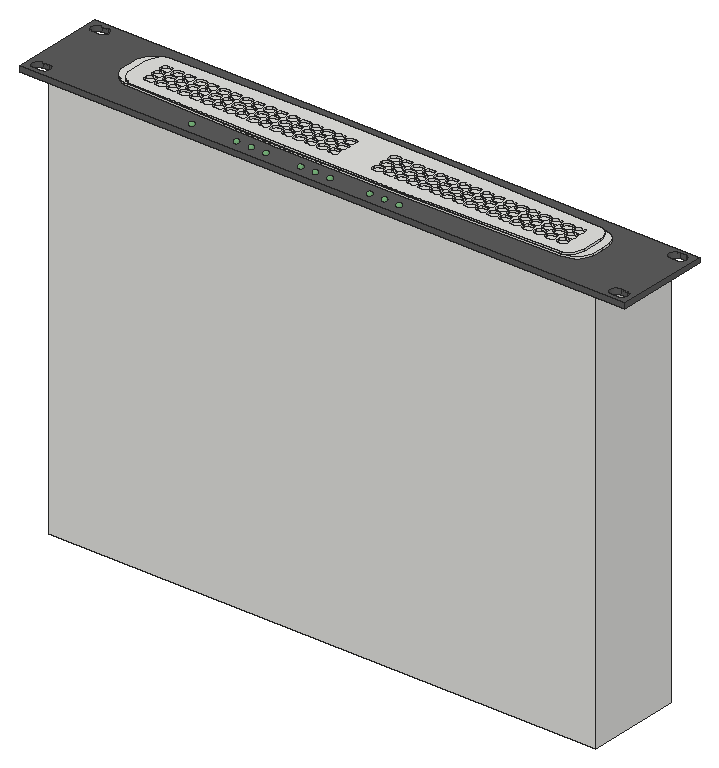
Revit family "Electronics_Amplifiers_Biamp_Vocia_VA-2060___2", category Communication Devices, host Face, Revit 2020 (continued)
Definition of nested family "VA-2060"
  Forms (in)
    Extrusion 4, solid, material <- "Housing Material", detail levels medium+fine
      sketch origin (0, 0, 0) x (1, 0, 0) y (0, 0, 1)
        loop
          arc (5.60792, 1.67994) -> (5.70669, 1.72086) -> (5.7476, 1.81963) r 0.13968
          line (5.7476, 1.81963) -> (5.7476, 1.86061)
          arc (5.7476, 1.86061) -> (5.70851, 1.955) -> (5.61412, 1.99409) r 0.13348
          line (5.61412, 1.99409) -> (5.52301, 1.99409)
          arc (5.52301, 1.99409) -> (5.42863, 1.955) -> (5.38953, 1.86061) r 0.13348
        loop
          line (5.78953, 1.86061) -> (5.78953, 1.81963)
          arc (5.78953, 1.81963) -> (5.83044, 1.72086) -> (5.92922, 1.67994) r 0.13968
          line (5.92922, 1.67994) -> (6.00792, 1.67994)
          arc (6.00792, 1.67994) -> (6.10669, 1.72086) -> (6.1476, 1.81963) r 0.13968
          line (6.1476, 1.81963) -> (6.1476, 1.86061)
          arc (6.1476, 1.86061) -> (6.10851, 1.955) -> (6.01412, 1.99409) r 0.13348
          line (6.01412, 1.99409) -> (5.92301, 1.99409)
          arc (5.92301, 1.99409) -> (5.82863, 1.955) -> (5.78953, 1.86061) r 0.13348
        loop
          line (6.18953, 1.86061) -> (6.18953, 1.81963)
          arc (6.18953, 1.81963) -> (6.23044, 1.72086) -> (6.32922, 1.67994) r 0.13968
          line (6.32922, 1.67994) -> (6.40792, 1.67994)
          arc (6.40792, 1.67994) -> (6.50669, 1.72086) -> (6.5476, 1.81963) r 0.13968
          line (6.5476, 1.81963) -> (6.5476, 1.86061)
          arc (6.5476, 1.86061) -> (6.50851, 1.955) -> (6.41412, 1.99409) r 0.13348
          line (6.41412, 1.99409) -> (6.32301, 1.99409)
          arc (6.32301, 1.99409) -> (6.22863, 1.955) -> (6.18953, 1.86061) r 0.13348
        loop
          line (6.58953, 1.86061) -> (6.58953, 1.81963)
          arc (6.58953, 1.81963) -> (6.63044, 1.72086) -> (6.72922, 1.67994) r 0.13968
          line (6.72922, 1.67994) -> (6.80792, 1.67994)
          arc (6.80792, 1.67994) -> (6.90669, 1.72086) -> (6.9476, 1.81963) r 0.13968
          line (6.9476, 1.81963) -> (6.9476, 1.86061)
          arc (6.9476, 1.86061) -> (6.90851, 1.955) -> (6.81412, 1.99409) r 0.13348
          line (6.81412, 1.99409) -> (6.72301, 1.99409)
          arc (6.72301, 1.99409) -> (6.62863, 1.955) -> (6.58953, 1.86061) r 0.13348
        loop
          line (6.98953, 1.86061) -> (6.98953, 1.81963)
          arc (6.98953, 1.81963) -> (7.03044, 1.72086) -> (7.12922, 1.67994) r 0.13968
          line (7.12922, 1.67994) -> (7.20792, 1.67994)
          arc (7.20792, 1.67994) -> (7.30669, 1.72086) -> (7.3476, 1.81963) r 0.13968
          line (7.3476, 1.81963) -> (7.3476, 1.86061)
          arc (7.3476, 1.86061) -> (7.30851, 1.955) -> (7.21412, 1.99409) r 0.13348
          line (7.21412, 1.99409) -> (7.12301, 1.99409)
          arc (7.12301, 1.99409) -> (7.02863, 1.955) -> (6.98953, 1.86061) r 0.13348
        loop
          line (0.58953, 1.51061) -> (0.58953, 1.46963)
          arc (0.58953, 1.46963) -> (0.63044, 1.37086) -> (0.72922, 1.32994) r 0.13968
          line (0.72922, 1.32994) -> (0.80792, 1.32994)
          arc (0.80792, 1.32994) -> (0.90669, 1.37086) -> (0.9476, 1.46963) r 0.13968
          line (0.9476, 1.46963) -> (0.9476, 1.51061)
          arc (0.9476, 1.51061) -> (0.90851, 1.605) -> (0.81412, 1.64409) r 0.13348
          line (0.81412, 1.64409) -> (0.72301, 1.64409)
          arc (0.72301, 1.64409) -> (0.62863, 1.605) -> (0.58953, 1.51061) r 0.13348
        loop
          line (0.98953, 1.51061) -> (0.98953, 1.46963)
          arc (0.98953, 1.46963) -> (1.03044, 1.37086) -> (1.12922, 1.32994) r 0.13968
          line (1.12922, 1.32994) -> (1.20792, 1.32994)
          arc (1.20792, 1.32994) -> (1.30669, 1.37086) -> (1.3476, 1.46963) r 0.13968
          line (1.3476, 1.46963) -> (1.3476, 1.51061)
          arc (1.3476, 1.51061) -> (1.30851, 1.605) -> (1.21412, 1.64409) r 0.13348
          line (1.21412, 1.64409) -> (1.12301, 1.64409)
          arc (1.12301, 1.64409) -> (1.02863, 1.605) -> (0.98953, 1.51061) r 0.13348
        loop
          line (1.38953, 1.51061) -> (1.38953, 1.46963)
          arc (1.38953, 1.46963) -> (1.43044, 1.37086) -> (1.52922, 1.32994) r 0.13968
          line (1.52922, 1.32994) -> (1.60792, 1.32994)
          arc (1.60792, 1.32994) -> (1.70669, 1.37086) -> (1.7476, 1.46963) r 0.13968
          line (1.7476, 1.46963) -> (1.7476, 1.51061)
          arc (1.7476, 1.51061) -> (1.70851, 1.605) -> (1.61412, 1.64409) r 0.13348
          line (1.61412, 1.64409) -> (1.52301, 1.64409)
          arc (1.52301, 1.64409) -> (1.42863, 1.605) -> (1.38953, 1.51061) r 0.13348
        loop
          line (1.78953, 1.51061) -> (1.78953, 1.46963)
          arc (1.78953, 1.46963) -> (1.83044, 1.37086) -> (1.92922, 1.32994) r 0.13968
          line (1.92922, 1.32994) -> (2.00792, 1.32994)
          arc (2.00792, 1.32994) -> (2.10669, 1.37086) -> (2.1476, 1.46963) r 0.13968
          line (2.1476, 1.46963) -> (2.1476, 1.51061)
          arc (2.1476, 1.51061) -> (2.10851, 1.605) -> (2.01412, 1.64409) r 0.13348
          line (2.01412, 1.64409) -> (1.92301, 1.64409)
          arc (1.92301, 1.64409) -> (1.82863, 1.605) -> (1.78953, 1.51061) r 0.13348
        loop
          line (2.18953, 1.51061) -> (2.18953, 1.46963)
          arc (2.18953, 1.46963) -> (2.23044, 1.37086) -> (2.32922, 1.32994) r 0.13968
          line (2.32922, 1.32994) -> (2.40792, 1.32994)
          arc (2.40792, 1.32994) -> (2.50669, 1.37086) -> (2.5476, 1.46963) r 0.13968
          line (2.5476, 1.46963) -> (2.5476, 1.51061)
          arc (2.5476, 1.51061) -> (2.50851, 1.605) -> (2.41412, 1.64409) r 0.13348
          line (2.41412, 1.64409) -> (2.32301, 1.64409)
          arc (2.32301, 1.64409) -> (2.22863, 1.605) -> (2.18953, 1.51061) r 0.13348
        loop
          line (2.58953, 1.51061) -> (2.58953, 1.46963)
          arc (2.58953, 1.46963) -> (2.63044, 1.37086) -> (2.72922, 1.32994) r 0.13968
          line (2.72922, 1.32994) -> (2.80792, 1.32994)
          arc (2.80792, 1.32994) -> (2.90669, 1.37086) -> (2.9476, 1.46963) r 0.13968
          line (2.9476, 1.46963) -> (2.9476, 1.51061)
          arc (2.9476, 1.51061) -> (2.90851, 1.605) -> (2.81412, 1.64409) r 0.13348
          line (2.81412, 1.64409) -> (2.72301, 1.64409)
          arc (2.72301, 1.64409) -> (2.62863, 1.605) -> (2.58953, 1.51061) r 0.13348
        loop
          line (2.98953, 1.51061) -> (2.98953, 1.46963)
          arc (2.98953, 1.46963) -> (3.03044, 1.37086) -> (3.12922, 1.32994) r 0.13968
          line (3.12922, 1.32994) -> (3.20792, 1.32994)
          arc (3.20792, 1.32994) -> (3.30669, 1.37086) -> (3.3476, 1.46963) r 0.13968
          line (3.3476, 1.46963) -> (3.3476, 1.51061)
          arc (3.3476, 1.51061) -> (3.30851, 1.605) -> (3.21412, 1.64409) r 0.13348
          line (3.21412, 1.64409) -> (3.12301, 1.64409)
          arc (3.12301, 1.64409) -> (3.02863, 1.605) -> (2.98953, 1.51061) r 0.13348
        loop
          line (3.38953, 1.51061) -> (3.38953, 1.46963)
          arc (3.38953, 1.46963) -> (3.43044, 1.37086) -> (3.52922, 1.32994) r 0.13968
          line (3.52922, 1.32994) -> (3.60792, 1.32994)
          arc (3.60792, 1.32994) -> (3.70669, 1.37086) -> (3.7476, 1.46963) r 0.13968
          line (3.7476, 1.46963) -> (3.7476, 1.51061)
          arc (3.7476, 1.51061) -> (3.70851, 1.605) -> (3.61412, 1.64409) r 0.13348
          line (3.61412, 1.64409) -> (3.52301, 1.64409)
          arc (3.52301, 1.64409) -> (3.42863, 1.605) -> (3.38953, 1.51061) r 0.13348
        loop
          line (3.78953, 1.51061) -> (3.78953, 1.46963)
          arc (3.78953, 1.46963) -> (3.83044, 1.37086) -> (3.92922, 1.32994) r 0.13968
          line (3.92922, 1.32994) -> (4.00792, 1.32994)
          arc (4.00792, 1.32994) -> (4.10669, 1.37086) -> (4.1476, 1.46963) r 0.13968
          line (4.1476, 1.46963) -> (4.1476, 1.51061)
          arc (4.1476, 1.51061) -> (4.10851, 1.605) -> (4.01412, 1.64409) r 0.13348
          line (4.01412, 1.64409) -> (3.92301, 1.64409)
          arc (3.92301, 1.64409) -> (3.82863, 1.605) -> (3.78953, 1.51061) r 0.13348
        loop
          line (4.18953, 1.51061) -> (4.18953, 1.46963)
          arc (4.18953, 1.46963) -> (4.23044, 1.37086) -> (4.32922, 1.32994) r 0.13968
          line (4.32922, 1.32994) -> (4.40792, 1.32994)
          arc (4.40792, 1.32994) -> (4.50669, 1.37086) -> (4.5476, 1.46963) r 0.13968
          line (4.5476, 1.46963) -> (4.5476, 1.51061)
          arc (4.5476, 1.51061) -> (4.50851, 1.605) -> (4.41412, 1.64409) r 0.13348
          line (4.41412, 1.64409) -> (4.32301, 1.64409)
          arc (4.32301, 1.64409) -> (4.22863, 1.605) -> (4.18953, 1.51061) r 0.13348
        loop
          line (4.58953, 1.51061) -> (4.58953, 1.46963)
          arc (4.58953, 1.46963) -> (4.63044, 1.37086) -> (4.72922, 1.32994) r 0.13968
          line (4.72922, 1.32994) -> (4.80792, 1.32994)
          arc (4.80792, 1.32994) -> (4.90669, 1.37086) -> (4.9476, 1.46963) r 0.13968
          line (4.9476, 1.46963) -> (4.9476, 1.51061)
          arc (4.9476, 1.51061) -> (4.90851, 1.605) -> (4.81412, 1.64409) r 0.13348
          line (4.81412, 1.64409) -> (4.72301, 1.64409)
          arc (4.72301, 1.64409) -> (4.62863, 1.605) -> (4.58953, 1.51061) r 0.13348
        loop
          line (4.98953, 1.51061) -> (4.98953, 1.46963)
          arc (4.98953, 1.46963) -> (5.03044, 1.37086) -> (5.12922, 1.32994) r 0.13968
          line (5.12922, 1.32994) -> (5.20792, 1.32994)
          arc (5.20792, 1.32994) -> (5.30669, 1.37086) -> (5.3476, 1.46963) r 0.13968
          line (5.3476, 1.46963) -> (5.3476, 1.51061)
          arc (5.3476, 1.51061) -> (5.30851, 1.605) -> (5.21412, 1.64409) r 0.13348
          line (5.21412, 1.64409) -> (5.12301, 1.64409)
          arc (5.12301, 1.64409) -> (5.02863, 1.605) -> (4.98953, 1.51061) r 0.13348
        loop
          line (5.38953, 1.51061) -> (5.38953, 1.46963)
          arc (5.38953, 1.46963) -> (5.43044, 1.37086) -> (5.52922, 1.32994) r 0.13968
          line (5.52922, 1.32994) -> (5.60792, 1.32994)
          arc (5.60792, 1.32994) -> (5.70669, 1.37086) -> (5.7476, 1.46963) r 0.13968
          line (5.7476, 1.46963) -> (5.7476, 1.51061)
          arc (5.7476, 1.51061) -> (5.70851, 1.605) -> (5.61412, 1.64409) r 0.13348
          line (5.61412, 1.64409) -> (5.52301, 1.64409)
          arc (5.52301, 1.64409) -> (5.42863, 1.605) -> (5.38953, 1.51061) r 0.13348
        loop
          line (5.78953, 1.51061) -> (5.78953, 1.46963)
          arc (5.78953, 1.46963) -> (5.83044, 1.37086) -> (5.92922, 1.32994) r 0.13968
          line (5.92922, 1.32994) -> (6.00792, 1.32994)
          arc (6.00792, 1.32994) -> (6.10669, 1.37086) -> (6.1476, 1.46963) r 0.13968
          line (6.1476, 1.46963) -> (6.1476, 1.51061)
          arc (6.1476, 1.51061) -> (6.10851, 1.605) -> (6.01412, 1.64409) r 0.13348
          line (6.01412, 1.64409) -> (5.92301, 1.64409)
          arc (5.92301, 1.64409) -> (5.82863, 1.605) -> (5.78953, 1.51061) r 0.13348
        loop
          line (6.18953, 1.51061) -> (6.18953, 1.46963)
          arc (6.18953, 1.46963) -> (6.23044, 1.37086) -> (6.32922, 1.32994) r 0.13968
          line (6.32922, 1.32994) -> (6.40792, 1.32994)
          arc (6.40792, 1.32994) -> (6.50669, 1.37086) -> (6.5476, 1.46963) r 0.13968
          line (6.5476, 1.46963) -> (6.5476, 1.51061)
          arc (6.5476, 1.51061) -> (6.50851, 1.605) -> (6.41412, 1.64409) r 0.13348
          line (6.41412, 1.64409) -> (6.32301, 1.64409)
          arc (6.32301, 1.64409) -> (6.22863, 1.605) -> (6.18953, 1.51061) r 0.13348
        loop
          line (6.58953, 1.51061) -> (6.58953, 1.46963)
          arc (6.58953, 1.46963) -> (6.63044, 1.37086) -> (6.72922, 1.32994) r 0.13968
          line (6.72922, 1.32994) -> (6.80792, 1.32994)
          arc (6.80792, 1.32994) -> (6.90669, 1.37086) -> (6.9476, 1.46963) r 0.13968
          line (6.9476, 1.46963) -> (6.9476, 1.51061)
          arc (6.9476, 1.51061) -> (6.90851, 1.605) -> (6.81412, 1.64409) r 0.13348
          line (6.81412, 1.64409) -> (6.72301, 1.64409)
          arc (6.72301, 1.64409) -> (6.62863, 1.605) -> (6.58953, 1.51061) r 0.13348
        loop
          line (6.98953, 1.51061) -> (6.98953, 1.46963)
          arc (6.98953, 1.46963) -> (7.03044, 1.37086) -> (7.12922, 1.32994) r 0.13968
          line (7.12922, 1.32994) -> (7.20792, 1.32994)
          arc (7.20792, 1.32994) -> (7.30669, 1.37086) -> (7.3476, 1.46963) r 0.13968
          line (7.3476, 1.46963) -> (7.3476, 1.51061)
          arc (7.3476, 1.51061) -> (7.30851, 1.605) -> (7.21412, 1.64409) r 0.13348
          line (7.21412, 1.64409) -> (7.12301, 1.64409)
          arc (7.12301, 1.64409) -> (7.02863, 1.605) -> (6.98953, 1.51061) r 0.13348
        loop
          line (-7.8941, 2.19985) -> (-7.8941, 1.50958)
          arc (-7.8941, 1.50958) -> (-7.78659, 1.189) -> (-7.50755, 0.99803) r 0.53175
          arc (-7.50755, 0.99803) -> (-4.76475, 0.90754) -> (-2.02057, 0.88211) r 115.74148
          line (-2.02057, 0.88211) -> (2.02057, 0.88211)
          arc (2.02057, 0.88211) -> (4.76475, 0.90754) -> (7.50755, 0.99803) r 115.74148
          arc (7.50755, 0.99803) -> (7.78659, 1.189) -> (7.8941, 1.50958) r 0.53175
          line (7.8941, 1.50958) -> (7.8941, 2.19985)
          arc (7.8941, 2.19985) -> (7.79312, 2.52382) -> (7.52594, 2.73305) r 0.57019
          arc (7.52594, 2.73305) -> (4.7778, 2.82372) -> (2.02829, 2.84908) r 115.74395
          line (2.02829, 2.84908) -> (-2.02829, 2.84908)
          arc (-2.02829, 2.84908) -> (-4.7778, 2.82372) -> (-7.52594, 2.73305) r 115.74395
          arc (-7.52594, 2.73305) -> (-7.79312, 2.52382) -> (-7.8941, 2.19985) r 0.57019
      from 7.16 to 7.21
    Extrusion 5, solid, material <- "Housing Material", detail levels medium+fine
      sketch origin (0, 0, 0) x (1, 0, 0) y (0, 0, 1)
        loop
          line (2.33416, 2.87125) -> (-2.33416, 2.87125)
          arc (-2.33416, 2.87125) -> (-4.9297, 2.84215) -> (-7.52393, 2.75486) r 115.76635
          arc (-7.52393, 2.75486) -> (-7.94905, 2.5935) -> (-8.19527, 2.21122) r 0.72733
          line (-8.19527, 2.21122) -> (-8.19527, 1.87684) -> (-8.19527, 1.51121)
          arc (-8.19527, 1.51121) -> (-7.94905, 1.12893) -> (-7.52393, 0.96757) r 0.72733
          arc (-7.52393, 0.96757) -> (-4.9297, 0.88028) -> (-2.33416, 0.85118) r 115.76635
          line (-2.33416, 0.85118) -> (2.33416, 0.85118)
          arc (2.33416, 0.85118) -> (4.9297, 0.88028) -> (7.52393, 0.96757) r 115.76635
          arc (7.52393, 0.96757) -> (7.94905, 1.12893) -> (8.19527, 1.51121) r 0.72733
          line (8.19527, 1.51121) -> (8.19527, 1.87684) -> (8.19527, 2.21122)
          arc (8.19527, 2.21122) -> (7.94905, 2.5935) -> (7.52393, 2.75486) r 0.72733
          arc (7.52393, 2.75486) -> (4.9297, 2.84215) -> (2.33416, 2.87125) r 115.76635
      from 7.09961 to 7.16
    Extrusion 6, void, detail levels medium+fine
      sketch origin (0, 0, 0) x (1, 0, 0) y (0, 0, 1)
        loop
          line (10.13458, 3.10877) -> (9.92643, 3.10877)
          arc (9.92643, 3.10877) -> (9.72431, 2.90665) -> (9.92643, 2.70453) r 0.20212
          line (9.92643, 2.70453) -> (10.13458, 2.70453)
          arc (10.13458, 2.70453) -> (10.33669, 2.90665) -> (10.13458, 3.10877) r 0.20212
        loop
          line (10.13458, 0.54627) -> (9.92643, 0.54627)
          arc (9.92643, 0.54627) -> (9.72431, 0.34415) -> (9.92643, 0.14203) r 0.20212
          line (9.92643, 0.14203) -> (10.13458, 0.14203)
          arc (10.13458, 0.14203) -> (10.33669, 0.34415) -> (10.13458, 0.54627) r 0.20212
        loop
          line (-9.92734, 3.10877) -> (-10.13549, 3.10877)
          arc (-10.13549, 3.10877) -> (-10.3376, 2.90665) -> (-10.13549, 2.70453) r 0.20212
          line (-10.13549, 2.70453) -> (-9.92734, 2.70453)
          arc (-9.92734, 2.70453) -> (-9.72522, 2.90665) -> (-9.92734, 3.10877) r 0.20212
        loop
          line (-9.92734, 0.54671) -> (-10.13549, 0.54671)
          arc (-10.13549, 0.54671) -> (-10.3376, 0.34459) -> (-10.13549, 0.14248) r 0.20212
          line (-10.13549, 0.14248) -> (-9.92734, 0.14248)
          arc (-9.92734, 0.14248) -> (-9.72522, 0.34459) -> (-9.92734, 0.54671) r 0.20212
      from 6.93304 to 7.43236
    Extrusion 7, void
      sketch origin (0, 0, 0) x (1, 0, 0) y (0, 0, 1)
        loop
          line (8.15116, 2.33425) -> (6.93787, 2.33425) -> (6.93787, 1.51307) -> (8.15116, 1.51307) -> (8.15116, 2.33425)
        loop
          line (4.18232, 0.89127) -> (3.43232, 0.89127) -> (3.43232, 0.39127) -> (4.18232, 0.39127) -> (4.18232, 0.89127)
        loop
          line (3.40107, 0.89127) -> (2.65107, 0.89127) -> (2.65107, 0.39127) -> (3.40107, 0.39127) -> (3.40107, 0.89127)
        loop
          line (0, 0.68345) -> (-0.46893, 0.68345) -> (-0.46893, 0.39127) -> (0, 0.39127) -> (0, 0.68345)
        loop
          line (-2.2191, 0.86184) -> (-3.01154, 0.86184) -> (-3.01154, 0.39127) -> (-2.2191, 0.39127) -> (-2.2191, 0.86184)
        loop
          line (-6.96024, 0.95657) -> (-7.85072, 0.95657) -> (-7.85072, 0.68345) -> (-6.96024, 0.68345) -> (-6.96024, 0.95657)
        loop
          line (-8.258, 0.95657) -> (-9.14847, 0.95657) -> (-9.14847, 0.68345) -> (-8.258, 0.68345) -> (-8.258, 0.95657)
        loop
          line (-1.44435, 0.68345) -> (-1.91327, 0.68345) -> (-1.91327, 0.39127) -> (-1.44435, 0.39127) -> (-1.44435, 0.68345)
        loop
          line (-0.96169, 0.68345) -> (-1.43061, 0.68345) -> (-1.43061, 0.39127) -> (-0.96169, 0.39127) -> (-0.96169, 0.68345)
        loop
          line (-0.48153, 0.68345) -> (-0.95045, 0.68345) -> (-0.95045, 0.39127) -> (-0.48153, 0.39127) -> (-0.48153, 0.68345)
      from -7.12328 to -6.82855
    Revolve 8, solid, material <- "Material 2", detail levels fine
      sketch origin (-1.40961, -2.63111, 0.39328) x (-1, 0, 0) y (0, -1, 0)
        loop
          arc (0.94198, 4.4685) -> (0.86324, 4.54724) -> (0.7845, 4.4685) r 0.07874
          line (0.7845, 4.4685) -> (0.94198, 4.4685)
        loop
          arc (1.45383, 4.4685) -> (1.37509, 4.54724) -> (1.29635, 4.4685) r 0.07874
          line (1.29635, 4.4685) -> (1.45383, 4.4685)
        loop
          arc (1.96554, 4.4685) -> (1.8868, 4.54724) -> (1.80806, 4.4685) r 0.07874
          line (1.80806, 4.4685) -> (1.96554, 4.4685)
        loop
          arc (3.52117, 4.4685) -> (3.44243, 4.54724) -> (3.36369, 4.4685) r 0.07874
          line (3.36369, 4.4685) -> (3.52117, 4.4685)
        loop
          arc (-0.25862, 4.4685) -> (-0.33736, 4.54724) -> (-0.4161, 4.4685) r 0.07874
          line (-0.4161, 4.4685) -> (-0.25862, 4.4685)
        loop
          arc (-0.77051, 4.4685) -> (-0.84925, 4.54724) -> (-0.92799, 4.4685) r 0.07874
          line (-0.92799, 4.4685) -> (-0.77051, 4.4685)
        loop
          arc (-1.2824, 4.4685) -> (-1.36114, 4.54724) -> (-1.43988, 4.4685) r 0.07874
          line (-1.43988, 4.4685) -> (-1.2824, 4.4685)
        loop
          arc (-2.65883, 4.4685) -> (-2.73757, 4.54724) -> (-2.81631, 4.4685) r 0.07874
          line (-2.81631, 4.4685) -> (-2.65883, 4.4685)
        loop
          arc (-3.17072, 4.4685) -> (-3.24946, 4.54724) -> (-3.3282, 4.4685) r 0.07874
          line (-3.3282, 4.4685) -> (-3.17072, 4.4685)
        loop
          arc (-3.68261, 4.4685) -> (-3.76135, 4.54724) -> (-3.84009, 4.4685) r 0.07874
          line (-3.84009, 4.4685) -> (-3.68261, 4.4685)
        axis (3.52117, 4.4685) -> (-3.84009, 4.4685)
      angle from 450 to 270
  Cuts and joins
    Extrusion 6 cuts Extrusion 3
    Extrusion 7 cuts Extrusion 2
  Lines and regions (in)
    Masking region 1
      outline origin (0, 0, 0) x (1, 0, 0) y (0, 1, 0)
        loop
          line (-10.5, -7.09961) -> (10.5, -7.09961) -> (10.5, -6.93265) -> (9.5, -6.93265) -> (9.5, 7.09961) -> (-9.5, 7.09961) -> (-9.5, -6.93265) -> (-10.5, -6.93265) -> (-10.5, -7.09961)
    Masking region 2, detail levels medium+fine
      outline origin (0, 0, 0) x (1, 0, 0) y (0, 1, 0)
        loop
          line (-8.19527, -7.09961) -> (-8.19527, -7.16) -> (-7.8941, -7.16) -> (-7.8941, -7.21) -> (7.8941, -7.21) -> (7.8941, -7.16) -> (8.19527, -7.16) -> (8.19527, -7.09961) -> (-8.19527, -7.09961)
    symbolic lines
      curve 1: line (-10.5, -6.93265, 0) -> (10.5, -6.93265, 0)
    symbolic lines, detail levels medium+fine
      curve 2: line (-7.8941, -7.16, 0) -> (7.8941, -7.16, 0)
  Dimensions and locks (in)
    aligned and locked: plane 2 to Extrusion 1
    aligned and locked: level to Extrusion 1
